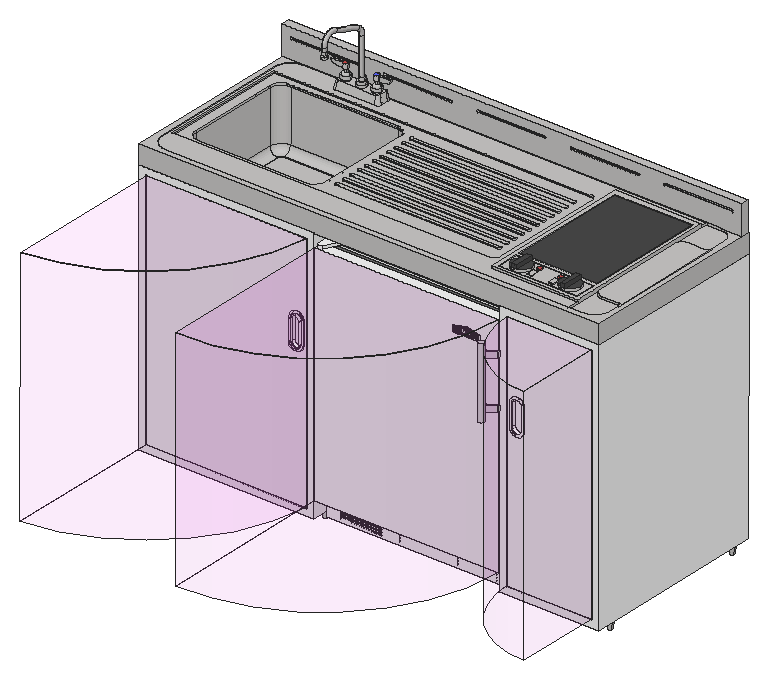
Revit family "QF_Summit_C60ELGLASS_Kitchenette", category Specialty Equipment, Revit 2020
Family settings
  Round Connector Dimension = Use Diameter
  Part Type = Normal
  Work Plane-Based = No
  Always vertical = Yes
  Cut with Voids When Loaded = No
  Shared = No
  Room Calculation Point = No
Parameters
  Weight in Pounds = 220
  Watts = Volts * FL Amps  # 2875 W
  Volts = 115 V
  URL Cutsheet = ""
  Specification by User = ""
  Specification by Manufacturer = ""
  Show LHD [instance] = yes
  Show Legs [instance] = yes
  Show Clearance [instance] = yes
  Serial Number = ""
  Seismic Rating = ""
  SMACNA No = ""
  Revision Code = ""
  Refrigerant Volume = 0.00 kip
  Refrigerant Type = "R600a"
  Phase = 1
  Number of Poles = 1
  NAFEM Spec ID Number = ""
  Model = "C60ELGLASS"
  Min Ckt Ampacity = 0 A
  Max Overcurrent Protection = 0 A
  Masterspec = ""
  Manufacturer = "Summit"
  Length = 59 1/8"
  Item Number = ""
  Installed By = ""
  Identify Quantity as Lot = yes
  Height = 40"
  HP = ""
  Furnished By = ""
  Foodservice Equipment Identifier = yes
  FL Amps = 25 A
  Electrical Remarks = ""
  Electric Connection Type = ""
  Elec Conn RI Height = 0"
  Elec Conn Connection Height = 0"
  Description = "Kichenette"
  Depth = 24"
  Default Elevation = 0"
  Cycle = 60 Hz
  Conn Plug = ""
  Conn Conduit = yes
  CSI MasterFormat = ""
  BTUH = 0.0 Btu/h
  Apparent Power = if(Phase = 3, Volts * FL Amps * 1.73, Volts * FL Amps)  # 2875 VA
Reference planes (in)
  plane 1 "BACK": y = 0
  plane 2: z = 0
  plane 3 "LEFT": x = 0
  plane 4 "RIGHT": x = 59.125
  plane 5 "FRONT": y = -24
  plane 6 "TOP": z = 40
  plane 7 "Center Y": x = 29.5625
  plane 8 "Center X": y = -12
  plane 9: z = 36.25
  plane 10: z = 33.875
  plane 11: z = 1
  plane 12: z = 20.875
  plane 13: z = 45.75
  plane 14: y = -1
  plane 15: y = -44.25
  plane 16: z = 36
  plane 17: x = 22.5
  plane 18: x = 46.375
  plane 19: z = 28
Forms (in)
  Extrusion 1, solid, material "QF_Metal_Stainless_Polished"
    sketch origin (-11.06091, -180, 36.25) x (-1, 0, 0) y (0, -1, 0)
      loop
        line (-11.06091, -180) -> (-11.06091, -156) -> (-70.18591, -156) -> (-70.18591, -180) -> (-11.06091, -180)
      loop
        line (-11.81091, -177) -> (-11.81091, -158.75)
        arc (-11.81091, -158.75) -> (-12.3967, -157.33579) -> (-13.81091, -156.75) r 2
        line (-13.81091, -156.75) -> (-67.43591, -156.75)
        arc (-67.43591, -156.75) -> (-68.85012, -157.33579) -> (-69.43591, -158.75) r 2
        line (-69.43591, -158.75) -> (-69.43591, -177)
        arc (-69.43591, -177) -> (-68.85012, -178.41421) -> (-67.43591, -179) r 2
        line (-67.43591, -179) -> (-13.81091, -179)
        arc (-13.81091, -179) -> (-12.3967, -178.41421) -> (-11.81091, -177) r 2
    from 0 to -2.375
  Extrusion 2, solid, material "QF_Metal_Stainless_Polished"
    sketch origin (-2.35752, -180, 36) x (-1, 0, 0) y (0, -1, 0)
      loop
        line (-3.56275, -176.20889) -> (-3.56275, -159.83389) -> (-44.18775, -159.83389)
        arc (-44.18775, -159.83389) -> (-44.89485, -160.12678) -> (-45.18775, -160.83389) r 1
        line (-45.18775, -160.83389) -> (-45.18775, -175.20889)
        arc (-45.18775, -175.20889) -> (-44.89485, -175.916) -> (-44.18775, -176.20889) r 1
        line (-44.18775, -176.20889) -> (-3.56275, -176.20889)
      loop
        line (-20.09109, -175.375) -> (-6.34109, -175.375)
        arc (-6.34109, -175.375) -> (-5.28043, -174.93566) -> (-4.84109, -173.875) r 1.5
        line (-4.84109, -173.875) -> (-4.84109, -162)
        arc (-4.84109, -162) -> (-5.28043, -160.93934) -> (-6.34109, -160.5) r 1.5
        line (-6.34109, -160.5) -> (-20.09109, -160.5)
        arc (-20.09109, -160.5) -> (-21.15175, -160.93934) -> (-21.59109, -162) r 1.5
        line (-21.59109, -162) -> (-21.59109, -173.875)
        arc (-21.59109, -173.875) -> (-21.15175, -174.93566) -> (-20.09109, -175.375) r 1.5
    from 0 to -0.25
  Extrusion 3, solid, material "QF_Metal_Stainless_Polished"
    sketch origin (-2.35752, -178, 36) x (-1, 0, 0) y (0, -1, 0)
      loop
        line (-44.18775, -174.20889) -> (-3.56275, -174.20889) -> (-3.56275, -157.83389) -> (-44.18775, -157.83389)
        arc (-44.18775, -157.83389) -> (-44.89485, -158.12678) -> (-45.18775, -158.83389) r 1
        line (-45.18775, -158.83389) -> (-45.18775, -173.20889)
        arc (-45.18775, -173.20889) -> (-44.89485, -173.916) -> (-44.18775, -174.20889) r 1
      loop
        line (-3.10752, -175) -> (-3.10752, -156.75)
        arc (-3.10752, -156.75) -> (-3.69331, -155.33579) -> (-5.10752, -154.75) r 2
        line (-5.10752, -154.75) -> (-58.73252, -154.75)
        arc (-58.73252, -154.75) -> (-60.14674, -155.33579) -> (-60.73252, -156.75) r 2
        line (-60.73252, -156.75) -> (-60.73252, -175)
        arc (-60.73252, -175) -> (-60.14674, -176.41421) -> (-58.73252, -177) r 2
        line (-58.73252, -177) -> (-5.10752, -177)
        arc (-5.10752, -177) -> (-3.69331, -176.41421) -> (-3.10752, -175) r 2
    from 0 to -0.25
  Extrusion 4, solid, material "QF_Metal_Stainless_Polished"
    sketch origin (0.14248, -180, 36) x (-1, 0, 0) y (0, -1, 0)
      loop
        arc (-20.27666, -174.49159) -> (-20.06215, -174.27708) -> (-20.27666, -174.06256) r 0.21452
        line (-20.27666, -174.06256) -> (-41.1341, -174.06256)
        arc (-41.1341, -174.06256) -> (-41.34861, -174.27708) -> (-41.1341, -174.49159) r 0.21452
        line (-41.1341, -174.49159) -> (-20.27666, -174.49159)
      loop
        arc (-20.27666, -173.24159) -> (-20.06215, -173.02708) -> (-20.27666, -172.81256) r 0.21452
        line (-20.27666, -172.81256) -> (-41.1341, -172.81256)
        arc (-41.1341, -172.81256) -> (-41.34861, -173.02708) -> (-41.1341, -173.24159) r 0.21452
        line (-41.1341, -173.24159) -> (-20.27666, -173.24159)
      loop
        arc (-20.27666, -172.05409) -> (-20.06215, -171.83958) -> (-20.27666, -171.62506) r 0.21452
        line (-20.27666, -171.62506) -> (-41.1341, -171.62506)
        arc (-41.1341, -171.62506) -> (-41.34861, -171.83958) -> (-41.1341, -172.05409) r 0.21452
        line (-41.1341, -172.05409) -> (-20.27666, -172.05409)
      loop
        arc (-20.27666, -170.86659) -> (-20.06215, -170.65208) -> (-20.27666, -170.43756) r 0.21452
        line (-20.27666, -170.43756) -> (-41.1341, -170.43756)
        arc (-41.1341, -170.43756) -> (-41.34861, -170.65208) -> (-41.1341, -170.86659) r 0.21452
        line (-41.1341, -170.86659) -> (-20.27666, -170.86659)
      loop
        arc (-20.27666, -169.67909) -> (-20.06215, -169.46458) -> (-20.27666, -169.25006) r 0.21452
        line (-20.27666, -169.25006) -> (-41.1341, -169.25006)
        arc (-41.1341, -169.25006) -> (-41.34861, -169.46458) -> (-41.1341, -169.67909) r 0.21452
        line (-41.1341, -169.67909) -> (-20.27666, -169.67909)
      loop
        arc (-20.27666, -168.55409) -> (-20.06215, -168.33958) -> (-20.27666, -168.12506) r 0.21452
        line (-20.27666, -168.12506) -> (-41.1341, -168.12506)
        arc (-41.1341, -168.12506) -> (-41.34861, -168.33958) -> (-41.1341, -168.55409) r 0.21452
        line (-41.1341, -168.55409) -> (-20.27666, -168.55409)
      loop
        arc (-20.27666, -167.30409) -> (-20.06215, -167.08958) -> (-20.27666, -166.87506) r 0.21452
        line (-20.27666, -166.87506) -> (-41.1341, -166.87506)
        arc (-41.1341, -166.87506) -> (-41.34861, -167.08958) -> (-41.1341, -167.30409) r 0.21452
        line (-41.1341, -167.30409) -> (-20.27666, -167.30409)
      loop
        arc (-20.27666, -166.17909) -> (-20.06215, -165.96458) -> (-20.27666, -165.75006) r 0.21452
        line (-20.27666, -165.75006) -> (-41.1341, -165.75006)
        arc (-41.1341, -165.75006) -> (-41.34861, -165.96458) -> (-41.1341, -166.17909) r 0.21452
        line (-41.1341, -166.17909) -> (-20.27666, -166.17909)
      loop
        arc (-20.27666, -164.92909) -> (-20.06215, -164.71458) -> (-20.27666, -164.50006) r 0.21452
        line (-20.27666, -164.50006) -> (-41.1341, -164.50006)
        arc (-41.1341, -164.50006) -> (-41.34861, -164.71458) -> (-41.1341, -164.92909) r 0.21452
        line (-41.1341, -164.92909) -> (-20.27666, -164.92909)
      loop
        arc (-20.27666, -163.74159) -> (-20.06215, -163.52708) -> (-20.27666, -163.31256) r 0.21452
        line (-20.27666, -163.31256) -> (-41.1341, -163.31256)
        arc (-41.1341, -163.31256) -> (-41.34861, -163.52708) -> (-41.1341, -163.74159) r 0.21452
        line (-41.1341, -163.74159) -> (-20.27666, -163.74159)
      loop
        arc (-20.27666, -162.55409) -> (-20.06215, -162.33958) -> (-20.27666, -162.12506) r 0.21452
        line (-20.27666, -162.12506) -> (-41.1341, -162.12506)
        arc (-41.1341, -162.12506) -> (-41.34861, -162.33958) -> (-41.1341, -162.55409) r 0.21452
        line (-41.1341, -162.55409) -> (-20.27666, -162.55409)
    from 0 to 0.0625
  Extrusion 5, solid, material "QF_Metal_Stainless_Polished"
    sketch origin (-11.06091, -180, 36.25) x (-1, 0, 0) y (0, -1, 0)
      loop
        line (-11.06091, -180) -> (-11.06091, -179) -> (-70.18591, -179) -> (-70.18591, -180) -> (-11.06091, -180)
    from 0 to 3.75
  Sweep 6, solid, material "QF_Metal_Stainless_Polished"
    path origin (0, 0, 0) x (1, 0, 0) y (0, 1, 0)
      loop
        arc (2.48357, -18) -> (2.92291, -19.06066) -> (3.98357, -19.5) r 1.5
        line (3.98357, -19.5) -> (17.73357, -19.5)
        arc (17.73357, -19.5) -> (18.79423, -19.06066) -> (19.23357, -18) r 1.5
        line (19.23357, -18) -> (19.23357, -6.125)
        arc (19.23357, -6.125) -> (18.79423, -5.06434) -> (17.73357, -4.625) r 1.5
        line (17.73357, -4.625) -> (3.98357, -4.625)
        arc (3.98357, -4.625) -> (2.92291, -5.06434) -> (2.48357, -6.125) r 1.5
        line (2.48357, -6.125) -> (2.48357, -18)
    profile origin (2.48357, -12.0625, 0) x (-1, 0, 0) y (0, 0, 1)
      loop
        line (0, 35.875) -> (0, 29.0625)
        arc (0, 29.0625) -> (-0.29289, 28.35539) -> (-1, 28.0625) r 1
        line (-1, 28.0625) -> (-1, 28)
        arc (-1, 28) -> (-0.2487, 28.3112) -> (0.0625, 29.0625) r 1.0625
        line (0.0625, 29.0625) -> (0.0625, 35.875) -> (0, 35.875)
  Extrusion 7, void
    sketch origin (47.25, -1, 36.25) x (-1, 0, 0) y (0, 0, -1)
      loop
        arc (21.99608, -2.70577) -> (22.16796, -2.5339) -> (21.99608, -2.36202) r 0.17188
        line (21.99608, -2.36202) -> (13.37892, -2.36202)
        arc (13.37892, -2.36202) -> (13.20704, -2.5339) -> (13.37892, -2.70577) r 0.17188
        line (13.37892, -2.70577) -> (21.99608, -2.70577)
      loop
        arc (-2.03206, -2.70577) -> (-1.86018, -2.5339) -> (-2.03206, -2.36202) r 0.17188
        line (-2.03206, -2.36202) -> (-10.64922, -2.36202)
        arc (-10.64922, -2.36202) -> (-10.8211, -2.5339) -> (-10.64922, -2.70577) r 0.17188
        line (-10.64922, -2.70577) -> (-2.03206, -2.70577)
      loop
        arc (9.98201, -2.70577) -> (10.15389, -2.5339) -> (9.98201, -2.36202) r 0.17188
        line (9.98201, -2.36202) -> (1.36485, -2.36202)
        arc (1.36485, -2.36202) -> (1.19297, -2.5339) -> (1.36485, -2.70577) r 0.17188
        line (1.36485, -2.70577) -> (9.98201, -2.70577)
      loop
        line (37.40706, -2.70577) -> (46.02422, -2.70577)
        arc (46.02422, -2.70577) -> (46.1961, -2.5339) -> (46.02422, -2.36202) r 0.17188
        line (46.02422, -2.36202) -> (37.40706, -2.36202)
        arc (37.40706, -2.36202) -> (37.23518, -2.5339) -> (37.40706, -2.70577) r 0.17188
      loop
        line (25.39299, -2.70577) -> (34.01015, -2.70577)
        arc (34.01015, -2.70577) -> (34.18203, -2.5339) -> (34.01015, -2.36202) r 0.17188
        line (34.01015, -2.36202) -> (25.39299, -2.36202)
        arc (25.39299, -2.36202) -> (25.22111, -2.5339) -> (25.39299, -2.70577) r 0.17188
    from 0.25 to -0.25
  Extrusion 8, solid, material "QF_Plastic_White_Smooth"
    sketch origin (-11.06091, -180, 1) x (-1, 0, 0) y (0, -1, 0)
      loop
        line (-11.06091, -180) -> (-11.06091, -156) -> (-11.93591, -156) -> (-11.93591, -179.125) -> (-32.68591, -179.125) -> (-32.68591, -156) -> (-33.56091, -156) -> (-33.56091, -180) -> (-11.06091, -180)
      loop
        line (-58.31091, -156) -> (-58.31091, -179.125) -> (-69.31091, -179.125) -> (-69.31091, -156) -> (-70.18591, -156) -> (-70.18591, -180) -> (-57.43591, -180) -> (-57.43591, -156) -> (-58.31091, -156)
    from 0 to 32.875
  Extrusion 9, solid, material "QF_Plastic_White_Smooth"
    sketch origin (0.875, -24, 1) x (-1, 0, 0) y (0, 0, -1)
      loop
        line (0, -32.875) -> (0, -32) -> (-20.75, -32) -> (-20.75, 0) -> (-21.625, 0) -> (-21.625, -32.875) -> (0, -32.875)
    from 0 to -1
  Extrusion 10, solid, material "QF_Plastic_White_Smooth"
    sketch origin (0.875, -0.875, 1) x (1, 0, 0) y (0, 0, 1)
      loop
        line (0, 0) -> (20.75, 0) -> (20.75, 0.875) -> (0, 0.875) -> (0, 0)
    from 0 to 23.125
  Extrusion 11, solid, material "QF_Plastic_White_Smooth"
    sketch origin (0.875, -24, 1) x (-1, 0, 0) y (0, 0, -1)
      loop
        line (-0.0625, -0.9375) -> (-20.6875, -0.9375) -> (-20.6875, -31.9375) -> (-0.0625, -31.9375) -> (-0.0625, -0.9375)
    from 0 to -1
  Extrusion 12, void
    sketch origin (13.75, -24, 1) x (-1, 0, 0) y (0, 0, -1)
      loop
        arc (-5.85467, -19.50639) -> (-6.51553, -18.84553) -> (-7.17639, -19.50639) r 0.66086
        line (-7.17639, -19.50639) -> (-7.17639, -22.2536)
        arc (-7.17639, -22.2536) -> (-6.51553, -22.91446) -> (-5.85467, -22.2536) r 0.66086
        line (-5.85467, -22.2536) -> (-5.85467, -19.50639)
    from 0.5 to -0.5009
  Extrusion 13, solid, material "QF_Plastic_White_Smooth"
    sketch origin (13.75, -24, 1) x (-1, 0, 0) y (0, 0, -1)
      loop
        arc (-7.17639, -22.2536) -> (-6.51553, -22.91446) -> (-5.85467, -22.2536) r 0.66086
        line (-5.85467, -22.2536) -> (-5.85467, -19.50639)
        arc (-5.85467, -19.50639) -> (-6.51553, -18.84553) -> (-7.17639, -19.50639) r 0.66086
        line (-7.17639, -19.50639) -> (-7.17639, -22.2536)
      loop
        arc (-7.42639, -22.2536) -> (-6.51553, -23.16446) -> (-5.60467, -22.2536) r 0.91086
        line (-5.60467, -22.2536) -> (-5.60467, -19.50639)
        arc (-5.60467, -19.50639) -> (-6.51553, -18.59553) -> (-7.42639, -19.50639) r 0.91086
        line (-7.42639, -19.50639) -> (-7.42639, -22.2536)
    from 0 to 0.0625
  Extrusion 14, solid, material "QF_Metal_Stainless_Polished"
    sketch origin (4.52411, 0, 36.25) x (1, 0, 0) y (0, 0, -1)
      loop
        circle (52.60573, 33.21044) r 0.125
    from 0 to 0.25
  Revolve 15, solid, material "QF_Metal_Stainless_Polished", visible <- "Show Legs"
    sketch origin (0, -2, 0) x (1, 0, 0) y (0, 0, 1)
      loop
        line (46.8125, 1) -> (46.8125, 0) -> (47.03274, 0) -> (47.19216, 1) -> (46.8125, 1)
      axis (46.8125, 1) -> (46.8125, 0)
    angle from 0 to 360
  Revolve 16, solid, material "QF_Metal_Stainless_Polished", visible <- "Show Legs"
    sketch origin (0, -21.625, 0) x (1, 0, 0) y (0, 0, 1)
      loop
        line (46.8125, 1) -> (46.8125, 0) -> (47.03274, 0) -> (47.19216, 1) -> (46.8125, 1)
      axis (46.8125, 1) -> (46.8125, 0)
    angle from 0 to 360
  Revolve 17, solid, material "QF_Metal_Stainless_Polished", visible <- "Show Legs"
    sketch origin (-29.125, -2, 0) x (1, 0, 0) y (0, 0, 1)
      loop
        line (29.5625, 1) -> (29.5625, 0) -> (29.78274, 0) -> (29.94216, 1) -> (29.5625, 1)
      axis (29.5625, 1) -> (29.5625, 0)
    angle from 0 to 360
  Revolve 18, solid, material "QF_Metal_Stainless_Polished", visible <- "Show Legs"
    sketch origin (-29.125, -21.625, 0) x (1, 0, 0) y (0, 0, 1)
      loop
        line (29.5625, 1) -> (29.5625, 0) -> (29.78274, 0) -> (29.94216, 1) -> (29.5625, 1)
      axis (29.5625, 1) -> (29.5625, 0)
    angle from 0 to 360
  Extrusion 19, solid, material "QF_Metal_Stainless_Polished"
    sketch origin (-2.35752, -178, 36) x (-1, 0, 0) y (0, -1, 0)
      loop
        arc (-5.10752, -177) -> (-3.69331, -176.41421) -> (-3.10752, -175) r 2
        line (-3.10752, -175) -> (-3.10752, -156.75)
        arc (-3.10752, -156.75) -> (-3.69331, -155.33579) -> (-5.10752, -154.75) r 2
        line (-5.10752, -154.75) -> (-56.89422, -154.75) -> (-56.89422, -156.27212) -> (-45.89422, -156.27212) -> (-45.89422, -176.13842) -> (-56.89422, -176.13842) -> (-56.89422, -177) -> (-5.10752, -177)
      loop
        line (-3.56275, -174.20889) -> (-3.56275, -157.83389) -> (-44.18775, -157.83389)
        arc (-44.18775, -157.83389) -> (-44.89485, -158.12678) -> (-45.18775, -158.83389) r 1
        line (-45.18775, -158.83389) -> (-45.18775, -173.20889)
        arc (-45.18775, -173.20889) -> (-44.89485, -173.916) -> (-44.18775, -174.20889) r 1
        line (-44.18775, -174.20889) -> (-3.56275, -174.20889)
    from 0 to 0.25
  Extrusion 20, solid, material "QF_Metal_Stainless_Polished"
    sketch origin (-10.31091, -180, 28.8125) x (0, -1, 0) y (-1, 0, 0)
      loop
        arc (-174.375, -28.04448) -> (-174.22855, -28.39804) -> (-173.875, -28.54448) r 0.5
        line (-173.875, -28.54448) -> (-162, -28.54448)
        arc (-162, -28.54448) -> (-161.64645, -28.39804) -> (-161.5, -28.04448) r 0.5
        line (-161.5, -28.04448) -> (-161.5, -14.29448)
        arc (-161.5, -14.29448) -> (-161.64645, -13.94093) -> (-162, -13.79448) r 0.5
        line (-162, -13.79448) -> (-173.875, -13.79448)
        arc (-173.875, -13.79448) -> (-174.22855, -13.94093) -> (-174.375, -14.29448) r 0.5
        line (-174.375, -14.29448) -> (-174.375, -28.04448)
      loop
        circle (-167.9375, -21.16948) r 1
    from 0.8125 to 0.75
  Extrusion 21, solid, material "QF_Metal_Stainless_Polished"
    sketch origin (0.64248, -178, 36) x (-1, 0, 0) y (0, -1, 0)
      loop
        arc (-54.14422, -159.59658) -> (-54.43711, -158.88947) -> (-55.14422, -158.59658) r 1
        line (-55.14422, -158.59658) -> (-57.23252, -158.59658)
        arc (-57.23252, -158.59658) -> (-57.58608, -158.45013) -> (-57.73252, -158.09658) r 0.5
        line (-57.73252, -158.09658) -> (-57.73252, -173.09653)
        arc (-57.73252, -173.09653) -> (-57.58608, -172.74298) -> (-57.23252, -172.59653) r 0.5
        line (-57.23252, -172.59653) -> (-55.14422, -172.59653)
        arc (-55.14422, -172.59653) -> (-54.43711, -172.30364) -> (-54.14422, -171.59653) r 1
        line (-54.14422, -171.59653) -> (-54.14422, -159.59658)
    from 0 to 0.25
  Extrusion 22, solid, material "QF_Metal_Stainless_Polished"
    sketch origin (19.51748, -180, 36) x (-1, 0, 0) y (0, -1, 0)
      loop
        line (-35.01922, -156.75) -> (-36.85752, -156.75)
        arc (-36.85752, -156.75) -> (-38.27174, -157.33579) -> (-38.85752, -158.75) r 2
        line (-38.85752, -158.75) -> (-38.85752, -160.09658)
        arc (-38.85752, -160.09658) -> (-38.71108, -160.45013) -> (-38.35752, -160.59658) r 0.5
        line (-38.35752, -160.59658) -> (-36.26922, -160.59658)
        arc (-36.26922, -160.59658) -> (-35.56211, -160.88947) -> (-35.26922, -161.59658) r 1
        line (-35.26922, -161.59658) -> (-35.26922, -173.59653)
        arc (-35.26922, -173.59653) -> (-35.56211, -174.30364) -> (-36.26922, -174.59653) r 1
        line (-36.26922, -174.59653) -> (-38.35752, -174.59653)
        arc (-38.35752, -174.59653) -> (-38.71108, -174.74298) -> (-38.85752, -175.09653) r 0.5
        line (-38.85752, -175.09653) -> (-38.85752, -177)
        arc (-38.85752, -177) -> (-38.27174, -178.41421) -> (-36.85752, -179) r 2
        line (-36.85752, -179) -> (-35.01922, -179) -> (-35.01922, -156.75)
    from 0 to -0.25
  Revolve 23, solid, material "QF_Metal_Stainless_Polished", visible <- "Show Legs"
    sketch origin (-16.5, -2, 0) x (1, 0, 0) y (0, 0, 1)
      loop
        line (38.5625, 1) -> (38.5625, 0) -> (38.78274, 0) -> (38.94216, 1) -> (38.5625, 1)
      axis (38.5625, 1) -> (38.5625, 0)
    angle from 0 to 360
  Revolve 24, solid, material "QF_Metal_Stainless_Polished", visible <- "Show Legs"
    sketch origin (-16.5, -21.625, 0) x (1, 0, 0) y (0, 0, 1)
      loop
        line (38.5625, 1) -> (38.5625, 0) -> (38.78274, 0) -> (38.94216, 1) -> (38.5625, 1)
      axis (38.5625, 1) -> (38.5625, 0)
    angle from 0 to 360
  Extrusion 25, solid, material "QF_Clearances_Door_Drawer", visible <- "Show Clearance"
    sketch origin (17.8125, -24, 1.9375) x (0, 1, 0) y (1, 0, 0)
      loop
        line (0, -16.875) -> (0, 3.75)
        arc (0, 3.75) -> (-13.90828, -2.84801) -> (-20.25, -16.875) r 22.34781
        line (-20.25, -16.875) -> (0, -16.875)
    from 0 to -31
  Extrusion 26, solid, material "QF_Plastic_White_Smooth"
    sketch origin (58.25, -0.875, 1) x (-1, 0, 0) y (0, 0, -1)
      loop
        line (0, 0) -> (0, -0.875) -> (11, -0.875) -> (11, 0) -> (0, 0)
    from 0 to 23.125
  Extrusion 27, solid, material "QF_Plastic_White_Smooth"
    sketch origin (58.25, -24, 1) x (1, 0, 0) y (0, 0, 1)
      loop
        line (0, 32.875) -> (-11, 32.875) -> (-11, 32) -> (0, 32) -> (0, 32.875)
    from 0 to -1
  Extrusion 28, solid, material "QF_Plastic_White_Smooth"
    sketch origin (68, -24, 1) x (1, 0, 0) y (0, 0, 1)
      loop
        line (-9.8125, 0.9375) -> (-9.8125, 31.9375) -> (-20.6875, 31.9375) -> (-20.6875, 0.9375) -> (-9.8125, 0.9375)
    from 0 to -1
  Extrusion 29, void
    sketch origin (55.125, -24, 1) x (1, 0, 0) y (0, 0, 1)
      loop
        line (-5.85467, 19.50639) -> (-5.85467, 22.2536)
        arc (-5.85467, 22.2536) -> (-6.51553, 22.91446) -> (-7.17639, 22.2536) r 0.66086
        line (-7.17639, 22.2536) -> (-7.17639, 19.50639)
        arc (-7.17639, 19.50639) -> (-6.51553, 18.84553) -> (-5.85467, 19.50639) r 0.66086
    from 0.5 to -0.5009
  Extrusion 30, solid, material "QF_Plastic_White_Smooth"
    sketch origin (55.125, -24, 1) x (1, 0, 0) y (0, 0, 1)
      loop
        line (-7.17639, 22.2536) -> (-7.17639, 19.50639)
        arc (-7.17639, 19.50639) -> (-6.51553, 18.84553) -> (-5.85467, 19.50639) r 0.66086
        line (-5.85467, 19.50639) -> (-5.85467, 22.2536)
        arc (-5.85467, 22.2536) -> (-6.51553, 22.91446) -> (-7.17639, 22.2536) r 0.66086
      loop
        line (-7.42639, 22.2536) -> (-7.42639, 19.50639)
        arc (-7.42639, 19.50639) -> (-6.51553, 18.59553) -> (-5.60467, 19.50639) r 0.91086
        line (-5.60467, 19.50639) -> (-5.60467, 22.2536)
        arc (-5.60467, 22.2536) -> (-6.51553, 23.16446) -> (-7.42639, 22.2536) r 0.91086
    from 0 to 0.0625
  Revolve 31, solid, material "QF_Metal_Stainless_Polished", visible <- "Show Legs"
    sketch origin (11.875, -2, 0) x (1, 0, 0) y (0, 0, 1)
      loop
        line (46.8125, 1) -> (46.8125, 0) -> (47.03274, 0) -> (47.19216, 1) -> (46.8125, 1)
      axis (46.8125, 1) -> (46.8125, 0)
    angle from 0 to 360
  Revolve 32, solid, material "QF_Metal_Stainless_Polished", visible <- "Show Legs"
    sketch origin (11.875, -21.625, 0) x (1, 0, 0) y (0, 0, 1)
      loop
        line (46.8125, 1) -> (46.8125, 0) -> (47.03274, 0) -> (47.19216, 1) -> (46.8125, 1)
      axis (46.8125, 1) -> (46.8125, 0)
    angle from 0 to 360
  Extrusion 33, solid, material "QF_Clearances_Door_Drawer", visible <- "Show Clearance"
    sketch origin (51.0625, -24, 1.9375) x (0, -1, 0) y (-1, 0, 0)
      loop
        line (0, -7.125) -> (10.875, -7.125)
        arc (10.875, -7.125) -> (7.68979, 0.56479) -> (0, 3.75) r 10.875
        line (0, 3.75) -> (0, -7.125)
    from 0 to -31
  Extrusion 34, solid, material "QF_Metal_Stainless_Polished", not visible
    sketch origin (-2.35752, -180, 36.125) x (-1, 0, 0) y (0, -1, 0)
      loop
        line (-19.76922, -178.13842) -> (-19.76922, -158.27212) -> (-30.76922, -158.27212) -> (-30.76922, -178.13842) -> (-19.76922, -178.13842)
      loop
        line (-20.26922, -177.38842) -> (-20.26922, -162.02212) -> (-30.26922, -162.02212) -> (-30.26922, -177.38842) -> (-20.26922, -177.38842)
      loop
        line (-20.26922, -158.77212) -> (-30.26922, -158.77212) -> (-30.26922, -161.52212) -> (-20.26922, -161.52212) -> (-20.26922, -158.77212)
    from 0 to 0.5
  Extrusion 35, solid, material "QF_Metal_Stainless_Polished", not visible
    sketch origin (-2.35752, -180, 36.625) x (-1, 0, 0) y (0, -1, 0)
      loop
        line (-20.26922, -158.77212) -> (-30.26922, -158.77212) -> (-30.26922, -161.52212) -> (-20.26922, -161.52212) -> (-20.26922, -158.77212)
    from -0.25 to 0
  Extrusion 36, solid, material "QF_Metal_Stainless_Polished", not visible
    sketch origin (-2.35752, -180, 36.625) x (-1, 0, 0) y (0, -1, 0)
      loop
        circle (-22.13141, -160.14712) r 1.25
      loop
        circle (-28.40702, -160.14712) r 1.25
    from 0 to 0.25
  Extrusion 37, solid, material "QF_Plastic_Black_Smooth", not visible
    sketch origin (-2.35752, -180, 36.875) x (-1, 0, 0) y (0, -1, 0)
      loop
        line (-21.85016, -161.36507) -> (-21.85016, -158.92917)
        arc (-21.85016, -158.92917) -> (-22.13141, -158.89712) -> (-22.41266, -158.92917) r 1.25
        line (-22.41266, -158.92917) -> (-22.41266, -161.36507)
        arc (-22.41266, -161.36507) -> (-22.13141, -161.39712) -> (-21.85016, -161.36507) r 1.25
      loop
        line (-28.12577, -161.36507) -> (-28.12577, -158.92917)
        arc (-28.12577, -158.92917) -> (-28.40702, -158.89712) -> (-28.68827, -158.92917) r 1.25
        line (-28.68827, -158.92917) -> (-28.68827, -161.36507)
        arc (-28.68827, -161.36507) -> (-28.40702, -161.39712) -> (-28.12577, -161.36507) r 1.25
    from 0 to 0.5
  Extrusion 38, solid, material "QF_Metal_Stainless_Polished", not visible
    sketch origin (-1.60752, -180, 36.625) x (-1, 0, 0) y (0, -1, 0)
      loop
        line (-22.85535, -160.19685) -> (-22.85535, -159.12569) -> (-23.41848, -159.12569) -> (-23.41848, -160.19685) -> (-22.85535, -160.19685)
      loop
        line (-26.18308, -160.19685) -> (-25.61996, -160.19685) -> (-25.61996, -159.12569) -> (-26.18308, -159.12569) -> (-26.18308, -160.19685)
    from 0 to 0.0625
  Extrusion 39, solid, material "QF_Plastic_Black_Smooth", not visible
    sketch origin (-2.35752, -178, 36.125) x (-1, 0, 0) y (0, -1, 0)
      loop
        line (-20.26922, -175.38842) -> (-20.26922, -160.02212) -> (-30.26922, -160.02212) -> (-30.26922, -175.38842) -> (-20.26922, -175.38842)
    from 0 to 0.5
  Extrusion 40, solid, material "QF_Metal_Stainless_Polished"
    sketch origin (23.76748, -180, 36) x (-1, 0, 0) y (0, -1, 0)
      loop
        line (-19.76922, -178.13842) -> (-19.76922, -158.27212) -> (-30.76922, -158.27212) -> (-30.76922, -178.13842) -> (-19.76922, -178.13842)
      loop
        line (-20.26922, -177.38842) -> (-20.26922, -162.02212) -> (-30.26922, -162.02212) -> (-30.26922, -177.38842) -> (-20.26922, -177.38842)
      loop
        line (-20.26922, -158.77212) -> (-30.26922, -158.77212) -> (-30.26922, -161.52212) -> (-20.26922, -161.52212) -> (-20.26922, -158.77212)
    from 0 to 0.5
  Extrusion 41, solid, material "QF_Metal_Stainless_Polished"
    sketch origin (23.76748, -180, 36.5) x (-1, 0, 0) y (0, -1, 0)
      loop
        line (-20.26922, -158.77212) -> (-30.26922, -158.77212) -> (-30.26922, -161.52212) -> (-20.26922, -161.52212) -> (-20.26922, -158.77212)
    from -0.25 to 0
  Extrusion 42, solid, material "QF_Metal_Stainless_Polished"
    sketch origin (23.76748, -180, 36.5) x (-1, 0, 0) y (0, -1, 0)
      loop
        circle (-22.13141, -160.14712) r 1.25
      loop
        circle (-28.40702, -160.14712) r 1.25
    from 0 to 0.25
  Extrusion 43, solid, material "QF_Plastic_Black_Smooth"
    sketch origin (23.76748, -180, 36.75) x (-1, 0, 0) y (0, -1, 0)
      loop
        line (-21.85016, -161.36507) -> (-21.85016, -158.92917)
        arc (-21.85016, -158.92917) -> (-22.13141, -158.89712) -> (-22.41266, -158.92917) r 1.25
        line (-22.41266, -158.92917) -> (-22.41266, -161.36507)
        arc (-22.41266, -161.36507) -> (-22.13141, -161.39712) -> (-21.85016, -161.36507) r 1.25
      loop
        line (-28.12577, -161.36507) -> (-28.12577, -158.92917)
        arc (-28.12577, -158.92917) -> (-28.40702, -158.89712) -> (-28.68827, -158.92917) r 1.25
        line (-28.68827, -158.92917) -> (-28.68827, -161.36507)
        arc (-28.68827, -161.36507) -> (-28.40702, -161.39712) -> (-28.12577, -161.36507) r 1.25
    from 0 to 0.5
  Extrusion 44, solid, material "QF_Metal_Stainless_Polished"
    sketch origin (24.51748, -180, 36.5) x (-1, 0, 0) y (0, -1, 0)
      loop
        line (-22.85535, -160.19685) -> (-22.85535, -159.12569) -> (-23.41848, -159.12569) -> (-23.41848, -160.19685) -> (-22.85535, -160.19685)
      loop
        line (-26.18308, -160.19685) -> (-25.61996, -160.19685) -> (-25.61996, -159.12569) -> (-26.18308, -159.12569) -> (-26.18308, -160.19685)
    from 0 to 0.0625
  Extrusion 45, solid, material "QF_Plastic_Black_Smooth"
    sketch origin (23.76748, -178, 36) x (-1, 0, 0) y (0, -1, 0)
      loop
        line (-20.26922, -175.38842) -> (-20.26922, -160.02212) -> (-30.26922, -160.02212) -> (-30.26922, -175.38842) -> (-20.26922, -175.38842)
    from 0 to 0.5
  Extrusion 46, solid, material "QF_Finishes_Red"
    sketch origin (23.76748, -180, 36.5) x (-1, 0, 0) y (0, -1, 0)
      loop
        circle (-23.88691, -160.79606) r 0.28156
      loop
        circle (-26.65152, -160.79606) r 0.28156
    from 0 to 0.0625
  Extrusion 47, solid, material "QF_Finishes_Red", not visible
    sketch origin (-2.35752, -180, 36.625) x (-1, 0, 0) y (0, -1, 0)
      loop
        circle (-23.88691, -160.79606) r 0.28156
      loop
        circle (-26.65152, -160.79606) r 0.28156
    from 0 to 0.0625
  Extrusion 48, solid, material "QF_Plastic_White_Smooth"
    sketch origin (0, 0, 1) x (1, 0, 0) y (0, 0, -1)
      loop
        line (22.5, -32.875) -> (46.375, -32.875) -> (46.375, -28.125) -> (22.5, -28.125) -> (22.5, -32.875)
      loop
        line (22.5, 0) -> (22.5, -4.75) -> (46.375, -4.75) -> (46.375, 0) -> (22.5, 0)
    from 0 to -0.875
Cuts and joins
  Extrusion 7 cuts Extrusion 5
  Extrusion 12, Extrusion 29 cuts Extrusion 11
  Extrusion 12, Extrusion 29 cuts Extrusion 13
  Extrusion 12, Extrusion 29 cuts Extrusion 25
  joined: Extrusion 8, Extrusion 9, Extrusion 10, Extrusion 26, Extrusion 27
  Extrusion 29 cuts Extrusion 28
  Extrusion 29 cuts Extrusion 30
Lines and regions (in)
  symbolic lines
    curve 1: line (0, 0, 0) -> (0, -24, 0)
    curve 2: line (59.125, 0, 0) -> (0, 0, 0)
    curve 3: line (0, -1, 0) -> (59.125, -1, 0)
    curve 4: line (0, -24, 0) -> (59.125, -24, 0)
    curve 5: arc (0.75, -21.25, 0) -> (1.33579, -22.66421, 0) -> (2.75, -23.25, 0) r 2
    curve 6: line (2.75, -23.25, 0) -> (56.375, -23.25, 0)
    curve 7: arc (2.75, -1, 0) -> (1.33579, -1.58579, 0) -> (0.75, -3, 0) r 2
    curve 8: line (0.75, -3, 0) -> (0.75, -21.25, 0)
    curve 9: line (1.20523, -20.16611, 0) -> (1.20523, -3.79111, 0)
    curve 10: line (1.20523, -3.79111, 0) -> (10.67337, -3.79111, 0)
    curve 11: line (41.83023, -20.16611, 0) -> (1.20523, -20.16611, 0)
    curve 12: arc (3.98357, -19.5, 0) -> (2.92291, -19.06066, 0) -> (2.48357, -18, 0) r 1.5
    curve 13: line (2.48357, -18, 0) -> (2.48357, -6.125, 0)
    curve 14: arc (2.48357, -6.125, 0) -> (2.92291, -5.06434, 0) -> (3.98357, -4.625, 0) r 1.5
    curve 15: line (3.98357, -4.625, 0) -> (10.67337, -4.625, 0)
    curve 16: arc (17.73357, -4.625, 0) -> (18.79423, -5.06434, 0) -> (19.23357, -6.125, 0) r 1.5
    curve 17: line (19.23357, -6.125, 0) -> (19.23357, -18, 0)
    curve 18: arc (19.23357, -18, 0) -> (18.79423, -19.06066, 0) -> (17.73357, -19.5, 0) r 1.5
    curve 19: line (17.73357, -19.5, 0) -> (3.98357, -19.5, 0)
    curve 20: arc (3.48357, -18, 0) -> (3.63002, -18.35355, 0) -> (3.98357, -18.5, 0) r 0.5
    curve 21: line (3.98357, -18.5, 0) -> (17.73357, -18.5, 0)
    curve 22: arc (17.73357, -18.5, 0) -> (18.08713, -18.35355, 0) -> (18.23357, -18, 0) r 0.5
    curve 23: line (18.23357, -18, 0) -> (18.23357, -6.125, 0)
    curve 24: arc (18.23357, -6.125, 0) -> (18.08713, -5.77145, 0) -> (17.73357, -5.625, 0) r 0.5
    curve 25: line (17.73357, -5.625, 0) -> (11.29837, -5.625, 0)
    curve 26: arc (3.98357, -5.625, 0) -> (3.63002, -5.77145, 0) -> (3.48357, -6.125, 0) r 0.5
    curve 27: line (3.48357, -6.125, 0) -> (3.48357, -18, 0)
    curve 28: arc (10.85857, -13.0625, 0) -> (9.85857, -12.0625, 0) -> (10.85857, -11.0625, 0) r 1
    curve 29: arc (10.85857, -13.0625, 0) -> (11.85857, -12.0625, 0) -> (10.85857, -11.0625, 0) r 1
    curve 30: line (20.41914, -5.93744, 0) -> (41.27658, -5.93744, 0)
    curve 31: line (41.27658, -5.50841, 0) -> (20.41914, -5.50841, 0)
    curve 32: arc (20.41914, -5.50841, 0) -> (20.20463, -5.72292, 0) -> (20.41914, -5.93744, 0) r 0.21452
    curve 33: line (41.27658, -6.75841, 0) -> (20.41914, -6.75841, 0)
    curve 34: arc (20.41914, -6.75841, 0) -> (20.20463, -6.97292, 0) -> (20.41914, -7.18744, 0) r 0.21452
    curve 35: line (20.41914, -7.18744, 0) -> (41.27658, -7.18744, 0)
    curve 36: line (41.27658, -7.94591, 0) -> (20.41914, -7.94591, 0)
    curve 37: arc (20.41914, -7.94591, 0) -> (20.20463, -8.16042, 0) -> (20.41914, -8.37494, 0) r 0.21452
    curve 38: line (20.41914, -8.37494, 0) -> (41.27658, -8.37494, 0)
    curve 39: line (41.27658, -9.13341, 0) -> (20.41914, -9.13341, 0)
    curve 40: arc (20.41914, -9.13341, 0) -> (20.20463, -9.34792, 0) -> (20.41914, -9.56244, 0) r 0.21452
    curve 41: line (20.41914, -9.56244, 0) -> (41.27658, -9.56244, 0)
    curve 42: line (41.27658, -10.32091, 0) -> (20.41914, -10.32091, 0)
    curve 43: arc (20.41914, -10.32091, 0) -> (20.20463, -10.53542, 0) -> (20.41914, -10.74994, 0) r 0.21452
    curve 44: line (20.41914, -10.74994, 0) -> (41.27658, -10.74994, 0)
    curve 45: line (41.27658, -11.44591, 0) -> (20.41914, -11.44591, 0)
    curve 46: arc (20.41914, -11.44591, 0) -> (20.20463, -11.66042, 0) -> (20.41914, -11.87494, 0) r 0.21452
    curve 47: line (20.41914, -11.87494, 0) -> (41.27658, -11.87494, 0)
    curve 48: line (41.27658, -12.69591, 0) -> (20.41914, -12.69591, 0)
    curve 49: arc (20.41914, -12.69591, 0) -> (20.20463, -12.91042, 0) -> (20.41914, -13.12494, 0) r 0.21452
    curve 50: line (20.41914, -13.12494, 0) -> (41.27658, -13.12494, 0)
    curve 51: line (41.27658, -13.82091, 0) -> (20.41914, -13.82091, 0)
    curve 52: arc (20.41914, -13.82091, 0) -> (20.20463, -14.03542, 0) -> (20.41914, -14.24994, 0) r 0.21452
    curve 53: line (20.41914, -14.24994, 0) -> (41.27658, -14.24994, 0)
    curve 54: line (41.27658, -15.07091, 0) -> (20.41914, -15.07091, 0)
    curve 55: arc (20.41914, -15.07091, 0) -> (20.20463, -15.28542, 0) -> (20.41914, -15.49994, 0) r 0.21452
    curve 56: line (20.41914, -15.49994, 0) -> (41.27658, -15.49994, 0)
    curve 57: line (41.27658, -16.25841, 0) -> (20.41914, -16.25841, 0)
    curve 58: arc (20.41914, -16.25841, 0) -> (20.20463, -16.47292, 0) -> (20.41914, -16.68744, 0) r 0.21452
    curve 59: line (20.41914, -16.68744, 0) -> (41.27658, -16.68744, 0)
    curve 60: line (41.27658, -17.44591, 0) -> (20.41914, -17.44591, 0)
    curve 61: arc (20.41914, -17.44591, 0) -> (20.20463, -17.66042, 0) -> (20.41914, -17.87494, 0) r 0.21452
    curve 62: line (20.41914, -17.87494, 0) -> (41.27658, -17.87494, 0)
    curve 63: line (11.29837, -4.625, 0) -> (17.73357, -4.625, 0)
    curve 64: line (10.67337, -5.625, 0) -> (3.98357, -5.625, 0)
    curve 67: arc (41.27658, -5.93744, 0) -> (41.49109, -5.72292, 0) -> (41.27658, -5.50841, 0) r 0.21452
    curve 68: arc (41.27658, -7.18744, 0) -> (41.49109, -6.97292, 0) -> (41.27658, -6.75841, 0) r 0.21452
    curve 69: arc (41.27658, -8.37494, 0) -> (41.49109, -8.16042, 0) -> (41.27658, -7.94591, 0) r 0.21452
    curve 70: arc (41.27658, -9.56244, 0) -> (41.49109, -9.34792, 0) -> (41.27658, -9.13341, 0) r 0.21452
    curve 71: arc (41.27658, -10.74994, 0) -> (41.49109, -10.53542, 0) -> (41.27658, -10.32091, 0) r 0.21452
    curve 72: arc (41.27658, -11.87494, 0) -> (41.49109, -11.66042, 0) -> (41.27658, -11.44591, 0) r 0.21452
    curve 73: arc (41.27658, -13.12494, 0) -> (41.49109, -12.91042, 0) -> (41.27658, -12.69591, 0) r 0.21452
    curve 74: arc (41.27658, -14.24994, 0) -> (41.49109, -14.03542, 0) -> (41.27658, -13.82091, 0) r 0.21452
    curve 75: arc (41.27658, -15.49994, 0) -> (41.49109, -15.28542, 0) -> (41.27658, -15.07091, 0) r 0.21452
    curve 76: arc (41.27658, -16.68744, 0) -> (41.49109, -16.47292, 0) -> (41.27658, -16.25841, 0) r 0.21452
    curve 77: arc (41.27658, -17.87494, 0) -> (41.49109, -17.66042, 0) -> (41.27658, -17.44591, 0) r 0.21452
    curve 78: arc (41.83023, -3.79111, 0) -> (42.53733, -4.084, 0) -> (42.83023, -4.79111, 0) r 1
    curve 79: line (42.83023, -4.79111, 0) -> (42.83023, -19.16611, 0)
    curve 80: arc (42.83023, -19.16611, 0) -> (42.53733, -19.87322, 0) -> (41.83023, -20.16611, 0) r 1
    curve 81: line (59.125, -24, 0) -> (59.125, 0, 0)
    curve 82: arc (56.375, -23.25, 0) -> (57.78921, -22.66421, 0) -> (58.375, -21.25, 0) r 2
    curve 83: line (58.375, -21.25, 0) -> (58.375, -19.90342, 0)
    curve 84: line (58.375, -19.90342, 0) -> (58.375, -4.90347, 0)
    curve 85: arc (57.875, -19.40342, 0) -> (58.22855, -19.54987, 0) -> (58.375, -19.90342, 0) r 0.5
    curve 86: line (55.78669, -19.40342, 0) -> (57.875, -19.40342, 0)
    curve 87: arc (54.78669, -18.40342, 0) -> (55.07959, -19.11053, 0) -> (55.78669, -19.40342, 0) r 1
    curve 88: line (54.78669, -6.40347, 0) -> (54.78669, -18.40342, 0)
    curve 89: arc (55.78669, -5.40347, 0) -> (55.07959, -5.69636, 0) -> (54.78669, -6.40347, 0) r 1
    curve 90: line (57.875, -5.40347, 0) -> (55.78669, -5.40347, 0)
    curve 91: line (58.375, -4.90347, 0) -> (58.375, -3, 0)
    curve 92: arc (58.375, -4.90347, 0) -> (58.22855, -5.25702, 0) -> (57.875, -5.40347, 0) r 0.5
    curve 93: arc (58.375, -3, 0) -> (57.78921, -1.58579, 0) -> (56.375, -1, 0) r 2
    curve 94: line (11.29837, -3.79111, 0) -> (41.83023, -3.79111, 0)
    curve 97: line (54.53669, -1, 0) -> (54.53669, -23.25, 0)
    curve 98: line (54.53669, -1.86158, 0) -> (43.53669, -1.86158, 0)
    curve 99: line (43.53669, -1.86158, 0) -> (43.53669, -21.72788, 0)
    curve 100: line (43.53669, -21.72788, 0) -> (54.53669, -21.72788, 0)
    curve 101: line (44.03669, -18.47788, 0) -> (44.03669, -21.22788, 0)
    curve 102: line (44.03669, -21.22788, 0) -> (54.03669, -21.22788, 0)
    curve 103: line (54.03669, -21.22788, 0) -> (54.03669, -18.47788, 0)
    curve 104: line (54.03669, -18.47788, 0) -> (44.03669, -18.47788, 0)
    curve 105: line (44.03669, -2.61158, 0) -> (44.03669, -17.97788, 0)
    curve 106: line (54.03669, -2.61158, 0) -> (44.03669, -2.61158, 0)
    curve 107: line (44.03669, -17.97788, 0) -> (54.03669, -17.97788, 0)
    curve 108: line (54.03669, -17.97788, 0) -> (54.03669, -2.61158, 0)
    curve 109: arc (47.14889, -19.85288, 0) -> (45.89889, -18.60288, 0) -> (44.64889, -19.85288, 0) r 1.25
    curve 110: arc (44.64889, -19.85288, 0) -> (45.89889, -21.10288, 0) -> (47.14889, -19.85288, 0) r 1.25
    curve 111: line (45.61764, -18.63493, 0) -> (45.61764, -21.07083, 0)
    curve 112: line (46.18014, -21.07083, 0) -> (46.18014, -18.63493, 0)
    curve 113: line (47.93596, -20.87431, 0) -> (47.93596, -19.80315, 0)
    curve 114: line (47.93596, -19.80315, 0) -> (47.37283, -19.80315, 0)
    curve 115: line (47.37283, -19.80315, 0) -> (47.37283, -20.87431, 0)
    curve 116: line (47.37283, -20.87431, 0) -> (47.93596, -20.87431, 0)
    curve 117: line (50.13743, -19.80315, 0) -> (50.13743, -20.87431, 0)
    curve 118: line (50.13743, -20.87431, 0) -> (50.70056, -20.87431, 0)
    curve 119: line (50.70056, -20.87431, 0) -> (50.70056, -19.80315, 0)
    curve 120: line (50.70056, -19.80315, 0) -> (50.13743, -19.80315, 0)
    curve 121: arc (50.13743, -19.20394, 0) -> (50.419, -19.4855, 0) -> (50.70056, -19.20394, 0) r 0.28156
    curve 122: arc (50.70056, -19.20394, 0) -> (50.419, -18.92238, 0) -> (50.13743, -19.20394, 0) r 0.28156
    curve 123: arc (47.37283, -19.20394, 0) -> (47.65439, -19.4855, 0) -> (47.93596, -19.20394, 0) r 0.28156
    curve 124: arc (47.93596, -19.20394, 0) -> (47.65439, -18.92238, 0) -> (47.37283, -19.20394, 0) r 0.28156
    curve 125: arc (53.4245, -19.85288, 0) -> (52.1745, -18.60288, 0) -> (50.9245, -19.85288, 0) r 1.25
    curve 126: arc (50.9245, -19.85288, 0) -> (52.1745, -21.10288, 0) -> (53.4245, -19.85288, 0) r 1.25
    curve 127: line (51.89325, -18.63493, 0) -> (51.89325, -21.07083, 0)
    curve 128: line (52.45575, -21.07083, 0) -> (52.45575, -18.63493, 0)
  symbolic lines, style "QF_Clearances_Door_Drawer", visible <- "Show Clearance"
    curve 65: line (0.9375, -24, 0) -> (18.1689, -33.94855, 0)
    curve 66: arc (21.5625, -24, 0) -> (20.45894, -29.17664, 0) -> (18.1689, -33.94855, 0) r 22.34781
    curve 95: line (58.1875, -24, 0) -> (48.76947, -29.4375, 0)
    curve 96: arc (48.76947, -29.4375, 0) -> (47.68306, -26.81466, 0) -> (47.3125, -24, 0) r 10.875
Dimensions and locks (in)
  equal spacing: plane 3 "LEFT", plane 7 "Center Y", plane 4 "RIGHT"
  "Length": plane 3 "LEFT" to plane 4 "RIGHT"
  equal spacing: plane 5 "FRONT", plane 8 "Center X", plane 1 "BACK"
  "Depth": plane 5 "FRONT" to plane 1 "BACK"
  "Height": plane 6 "TOP" to level
  plane 4 "RIGHT" to plane 3 "LEFT" = 59 1/8"
  plane 6 "TOP" to plane 9 = 3 3/4"
  plane 9 to plane 10 = 2 3/8"
  plane 9 to plane 2 = 36 1/4"
  plane 11 to plane 2 = 1"
  plane 10 to plane 11 = 32 7/8"
  plane 10 to plane 12 = 13"
  plane 14 to plane 1 "BACK" = 1"
  locked: plane 13 to plane 9 at 9.5
  plane 15 to plane 1 "BACK" = 44 1/4"
  plane 17 to plane 3 "LEFT" = 22 1/2"
  plane 17 to plane 18 = 23 7/8"
  plane 18 to plane 4 "RIGHT" = 12 3/4"
  plane 10 to plane 19 = 5 7/8"
  plane 3 "LEFT" to nested 1 = 11"
  aligned and locked: level to plane 2
Automatic sketch dimensions
  plane 1 "BACK" to Extrusion 1 sketch curve = 0"
  Extrusion 1 sketch curve to plane 4 "RIGHT" = 0"
  Extrusion 1 sketch curve to plane 14 = 0"
  Extrusion 1 sketch curve to plane 3 "LEFT" = 0"
  plane 5 "FRONT" to Extrusion 1 sketch curve = 0"
  plane 4 "RIGHT" to Extrusion 1 sketch curve = 3/4"
  Extrusion 1 sketch curve to plane 14 = 2"
  Extrusion 1 sketch curve to Extrusion 1 sketch curve = 2"
  Extrusion 1 sketch curve to plane 5 "FRONT" = 3/4"
  plane 3 "LEFT" to Extrusion 1 sketch curve = 2 3/4"  (x2)
  plane 3 "LEFT" to Extrusion 1 sketch curve = 3/4"
  plane 18 to Extrusion 2 sketch curve = 3.54477"
  Extrusion 2 sketch curve to Extrusion 2 sketch curve = 1"  (x2)
  plane 17 to Extrusion 2 sketch curve = 3.26643"
  Extrusion 2 sketch curve to Extrusion 2 sketch curve = 1 1/2"  (x3)
  plane 3 "LEFT" to Extrusion 2 sketch curve = 3.98357"  (x2)
  plane 3 "LEFT" to Extrusion 2 sketch curve = 1.20523"
  Extrusion 2 sketch curve to plane 14 = 2.79111"
  Extrusion 2 sketch curve to plane 14 = 3 5/8"
  Extrusion 2 sketch curve to plane 5 "FRONT" = 6"
  Extrusion 2 sketch curve to plane 5 "FRONT" = 4.83389"
  Extrusion 3 sketch curve to plane 14 = 0"
  plane 4 "RIGHT" to Extrusion 3 sketch curve = 3/4"
  Extrusion 3 sketch curve to plane 14 = 2"
  Extrusion 3 sketch curve to plane 5 "FRONT" = 3/4"
  plane 4 "RIGHT" to Extrusion 3 sketch curve = 2 3/4"
  plane 18 to Extrusion 3 sketch curve = 3.54477"
  Extrusion 3 sketch curve to Extrusion 3 sketch curve = 1"  (x2)
  plane 3 "LEFT" to Extrusion 3 sketch curve = 2 3/4"  (x2)
  plane 3 "LEFT" to Extrusion 3 sketch curve = 1.20523"
  plane 3 "LEFT" to Extrusion 3 sketch curve = 3/4"
  Extrusion 3 sketch curve to Extrusion 3 sketch curve = 0.79111"
  Extrusion 3 sketch curve to plane 5 "FRONT" = 4.83389"
  plane 18 to Extrusion 4 sketch curve = 5.09842"  (x2)
  Extrusion 4 sketch curve to Extrusion 4 sketch curve = 0"  (x19)
  plane 8 "Center X" to Extrusion 4 sketch curve = 0.12506"
  plane 17 to Extrusion 4 sketch curve = 2.08086"
  Extrusion 4 sketch curve to Extrusion 4 sketch curve = 0.21452"  (x11)
  Extrusion 4 sketch curve to Extrusion 4 sketch curve = 0.69597"  (x2)
  Extrusion 4 sketch curve to Extrusion 4 sketch curve = 0.75847"  (x5)
  Extrusion 4 sketch curve to Extrusion 4 sketch curve = 0.82097"  (x2)
  Extrusion 4 sketch curve to plane 8 "Center X" = 0.69591"
  plane 1 "BACK" to Extrusion 5 sketch curve = 0"
  Extrusion 5 sketch curve to plane 4 "RIGHT" = 0"
  Extrusion 5 sketch curve to plane 3 "LEFT" = 0"
  Extrusion 5 sketch curve to plane 14 = 0"
  plane 3 "LEFT" to Sweep 6 sketch curve = 2.48357"
  Sweep 6 sketch curve to Sweep 6 sketch curve = 1 1/2"  (x3)
  plane 17 to Sweep 6 sketch curve = 4.76643"  (x2)
  Sweep 6 sketch curve to plane 5 "FRONT" = 4 1/2"
  Sweep 6 sketch curve to plane 14 = 5 1/8"
  Sweep 6 sketch curve to Sweep 6 sketch curve = 0"  (x2)
  Sweep 6 sketch curve to profile plane = 0"
  profile plane to Sweep 6 sketch curve = 1"
  Sweep 6 sketch curve to Sweep 6 sketch curve = 1/16"
  level to Sweep 6 sketch curve = 28"
  Sweep 6 sketch curve to Sweep 6 sketch curve = 6 13/16"
  Extrusion 7 sketch curve to Extrusion 5 = 1.22578"
  Extrusion 5 to Extrusion 7 sketch curve = 1.38798"  (x2)
  Extrusion 7 sketch curve to Extrusion 7 sketch curve = 8.61716"  (x4)
  Extrusion 5 to Extrusion 7 sketch curve = 1.2161"  (x3)
  Extrusion 7 sketch curve to Extrusion 7 sketch curve = 3.39691"  (x4)
  Extrusion 5 to Extrusion 7 sketch curve = 1.04423"
  Extrusion 5 to Extrusion 7 sketch curve = 1.22578"
  Extrusion 7 sketch curve to Extrusion 7 sketch curve = 11/64"  (x3)
  Extrusion 7 sketch curve to Extrusion 7 sketch curve = 11/32"
  Extrusion 9 sketch curve to Extrusion 8 = 0"  (x3)
  Extrusion 8 to Extrusion 9 sketch curve = 7/8"
  Extrusion 8 to Extrusion 9 sketch curve = 20 3/4"
  Extrusion 9 sketch curve to Extrusion 9 sketch curve = 7/8"
  Extrusion 10 sketch curve to Extrusion 8 = 0"  (x2)
  Extrusion 8 to Extrusion 10 sketch curve = 7/8"
  Extrusion 8 to Extrusion 10 sketch curve = 20 3/4"
  Extrusion 8 to Extrusion 11 sketch curve = 15/16"  (x2)
  Extrusion 8 to Extrusion 11 sketch curve = 20 11/16"
  Extrusion 8 to Extrusion 11 sketch curve = 1/16"
  Extrusion 8 to Extrusion 12 sketch curve = 20.05139"
  Extrusion 12 sketch curve to Extrusion 12 sketch curve = 0.66086"
  Extrusion 8 to Extrusion 12 sketch curve = 10.6214"
  Extrusion 12 sketch curve to Extrusion 12 sketch curve = 2.74721"
  Extrusion 13 sketch curve to Extrusion 13 sketch curve = 0"  (x4)
  Extrusion 8 to Extrusion 13 sketch curve = 20.30139"
  Extrusion 13 sketch curve to Extrusion 13 sketch curve = 1/4"
  Extrusion 13 sketch curve to Extrusion 13 sketch curve = 0.66086"
  Extrusion 8 to Extrusion 13 sketch curve = 10.6214"
  Extrusion 13 sketch curve to Extrusion 13 sketch curve = 2.74721"
  Extrusion 14 sketch curve to Extrusion 5 = 1.99516"
  Extrusion 14 sketch curve to Extrusion 5 = 33.21044"
  Revolve 15 sketch curve to plane 11 = 0"
  Revolve 15 sketch curve to level = 0"  (x2)
  Revolve 15 sketch curve to plane 18 = 7/16"
  Revolve 15 sketch curve to Revolve 15 sketch curve = 0.22024"
  Revolve 15 sketch curve to Revolve 15 sketch curve = 0.37966"
  Revolve 15 sketch curve to Revolve 15 sketch curve = 0"
  Revolve 15 sketch curve to Revolve 15 sketch curve = 0.28903"
  Revolve 16 sketch curve to plane 11 = 0"
  Revolve 16 sketch curve to level = 0"  (x2)
  Revolve 16 sketch curve to plane 18 = 7/16"
  Revolve 16 sketch curve to Revolve 16 sketch curve = 0.22024"
  Revolve 16 sketch curve to Revolve 16 sketch curve = 0.37966"
  Revolve 16 sketch curve to Revolve 16 sketch curve = 0"
  Revolve 16 sketch curve to Revolve 16 sketch curve = 0.28903"
  Revolve 17 sketch curve to plane 11 = 0"
  Revolve 17 sketch curve to level = 0"  (x2)
  plane 3 "LEFT" to Revolve 17 sketch curve = 7/16"
  Revolve 17 sketch curve to Revolve 17 sketch curve = 0.22024"
  Revolve 17 sketch curve to Revolve 17 sketch curve = 0.37966"
  Revolve 17 sketch curve to Revolve 17 sketch curve = 0"
  Revolve 17 sketch curve to Revolve 17 sketch curve = 0.28903"
  Revolve 18 sketch curve to plane 11 = 0"
  Revolve 18 sketch curve to level = 0"  (x2)
  plane 3 "LEFT" to Revolve 18 sketch curve = 7/16"
  Revolve 18 sketch curve to Revolve 18 sketch curve = 0.22024"
  Revolve 18 sketch curve to Revolve 18 sketch curve = 0.37966"
  Revolve 18 sketch curve to Revolve 18 sketch curve = 0"
  Revolve 18 sketch curve to Revolve 18 sketch curve = 0.28903"
  Extrusion 19 sketch curve to Extrusion 3 = 0"  (x2)
  Extrusion 3 to Extrusion 19 sketch curve = 1"
  Extrusion 3 to Extrusion 19 sketch curve = 1.54477"
  Extrusion 20 sketch curve to plane 14 = 4 5/8"
  Extrusion 20 sketch curve to Extrusion 20 sketch curve = 1/2"  (x3)
  Extrusion 20 sketch curve to plane 8 "Center X" = 1/16"
  Extrusion 20 sketch curve to plane 5 "FRONT" = 6"  (x2)
  plane 3 "LEFT" to Extrusion 20 sketch curve = 3.48357"
  Extrusion 20 sketch curve to Extrusion 20 sketch curve = 6 7/8"
  plane 17 to Extrusion 20 sketch curve = 4.76643"
  Extrusion 21 sketch curve to Extrusion 3 = 0"  (x3)
  Extrusion 21 sketch curve to Extrusion 21 sketch curve = 1/2"
  Extrusion 21 sketch curve to Extrusion 3 = 1/2"
  Extrusion 21 sketch curve to Extrusion 21 sketch curve = 2.08831"  (x2)
  Extrusion 3 to Extrusion 21 sketch curve = 0.76269"
  Extrusion 21 sketch curve to Extrusion 21 sketch curve = 1"
  Extrusion 3 to Extrusion 21 sketch curve = 2.61236"
  Extrusion 21 sketch curve to Extrusion 21 sketch curve = 0"  (x2)
  Extrusion 22 sketch curve to plane 14 = 0"
  plane 4 "RIGHT" to Extrusion 22 sketch curve = 3/4"  (x2)
  Extrusion 22 sketch curve to Extrusion 22 sketch curve = 1/2"  (x2)
  Extrusion 22 sketch curve to Extrusion 22 sketch curve = 2"
  Extrusion 22 sketch curve to plane 14 = 2"
  Extrusion 22 sketch curve to Extrusion 22 sketch curve = 0.58831"
  Extrusion 22 sketch curve to Extrusion 22 sketch curve = 2.08831"
  Extrusion 22 sketch curve to Extrusion 22 sketch curve = 1"
  Extrusion 22 sketch curve to Extrusion 22 sketch curve = 1.83831"
  Extrusion 22 sketch curve to Extrusion 22 sketch curve = 1.90347"
  Extrusion 22 sketch curve to plane 5 "FRONT" = 5.59658"
  Extrusion 22 sketch curve to Extrusion 22 sketch curve = 1.84658"
  Revolve 23 sketch curve to plane 11 = 0"
  Revolve 23 sketch curve to level = 0"  (x2)
  plane 17 to Revolve 23 sketch curve = 7/16"
  plane 17 to Revolve 23 sketch curve = 0.21726"
  plane 17 to Revolve 23 sketch curve = 0.05784"
  Revolve 23 sketch curve to Revolve 23 sketch curve = 0"
  Revolve 23 sketch curve to Revolve 23 sketch curve = 0.28903"
  Revolve 24 sketch curve to plane 11 = 0"
  Revolve 24 sketch curve to level = 0"  (x2)
  plane 17 to Revolve 24 sketch curve = 7/16"
  plane 17 to Revolve 24 sketch curve = 0.21726"
  plane 17 to Revolve 24 sketch curve = 0.05784"
  Revolve 24 sketch curve to Revolve 24 sketch curve = 0"
  Revolve 24 sketch curve to Revolve 24 sketch curve = 0.28903"
  Extrusion 25 sketch curve to Extrusion 11 = 0"  (x3)
  Extrusion 25 sketch curve to Extrusion 25 sketch curve = 20 1/4"
  Extrusion 11 to Extrusion 25 sketch curve = 1.03831"
  Extrusion 26 sketch curve to Extrusion 8 = 0"
  Extrusion 8 to Extrusion 26 sketch curve = 7/8"
  Extrusion 27 sketch curve to Extrusion 8 = 0"
  Extrusion 8 to Extrusion 27 sketch curve = 46 3/8"
  Extrusion 8 to Extrusion 27 sketch curve = 7/8"
  Extrusion 27 sketch curve to Extrusion 27 sketch curve = 11"
  Extrusion 8 to Extrusion 28 sketch curve = 15/16"  (x2)
  Extrusion 8 to Extrusion 28 sketch curve = 46 7/16"
  Extrusion 28 sketch curve to Extrusion 28 sketch curve = 10 7/8"
  Extrusion 8 to Extrusion 29 sketch curve = 10.6214"
  Extrusion 8 to Extrusion 29 sketch curve = 47.07361"
  Extrusion 29 sketch curve to Extrusion 29 sketch curve = 0.66086"
  Extrusion 29 sketch curve to Extrusion 29 sketch curve = 2.74721"
  Extrusion 30 sketch curve to Extrusion 30 sketch curve = 0"  (x4)
  Extrusion 8 to Extrusion 30 sketch curve = 13.36861"
  Extrusion 8 to Extrusion 30 sketch curve = 46.82361"
  Extrusion 30 sketch curve to Extrusion 30 sketch curve = 1/4"
  Extrusion 30 sketch curve to Extrusion 30 sketch curve = 0.66086"
  Extrusion 30 sketch curve to Extrusion 30 sketch curve = 2.74721"
  Revolve 31 sketch curve to plane 11 = 0"
  Revolve 31 sketch curve to level = 0"  (x2)
  plane 4 "RIGHT" to Revolve 31 sketch curve = 7/16"
  plane 4 "RIGHT" to Revolve 31 sketch curve = 0.21726"
  plane 4 "RIGHT" to Revolve 31 sketch curve = 0.05784"
  Revolve 31 sketch curve to Revolve 31 sketch curve = 0"
  Revolve 31 sketch curve to Revolve 31 sketch curve = 0.28903"
  Revolve 32 sketch curve to plane 11 = 0"
  Revolve 32 sketch curve to level = 0"  (x2)
  plane 4 "RIGHT" to Revolve 32 sketch curve = 7/16"
  plane 4 "RIGHT" to Revolve 32 sketch curve = 0.21726"
  plane 4 "RIGHT" to Revolve 32 sketch curve = 0.05784"
  Revolve 32 sketch curve to Revolve 32 sketch curve = 0"
  Revolve 32 sketch curve to Revolve 32 sketch curve = 0.28903"
  Extrusion 33 sketch curve to Extrusion 28 = 0"  (x3)
  curve 12 to curve 20 = 0"  (x2)
  curve 14 to curve 26 = 0"  (x2)
  curve 16 to curve 24 = 0"  (x2)
  curve 18 to curve 22 = 0"  (x2)
  curve 4 to plane 3 "LEFT" = 0"
  plane 5 "FRONT" to curve 65 = 0"
  curve 7 to plane 14 = 0"
  plane 1 "BACK" to curve 2 = 0"
  curve 2 to plane 4 "RIGHT" = 0"
  curve 66 to plane 3 "LEFT" = 0.69216"
  plane 3 "LEFT" to curve 8 = 3/4"
  curve 8 to curve 10 = 0.45523"
  plane 3 "LEFT" to curve 13 = 2.48357"
  curve 6 to plane 5 "FRONT" = 3/4"
  plane 3 "LEFT" to curve 6 = 2 3/4"
  curve 9 to curve 7 = 1.54477"
  curve 12 to curve 27 = 1"
  curve 26 to curve 14 = 1/2"
  curve 20 to curve 21 = 1/2"
  curve 29 to plane 8 "Center X" = 1/16"
  curve 12 to curve 29 = 6 7/8"
  plane 17 to curve 22 = 4.76643"
  plane 17 to curve 16 = 4.76643"
  plane 17 to curve 65 = 4.3311"
  curve 16 to curve 23 = 1/2"
  curve 16 to curve 32 = 1.18557"
  curve 33 to curve 32 = 0"
  plane 17 to curve 56 = 2.08086"
  curve 36 to curve 34 = 0"
  curve 39 to curve 38 = 0"
  curve 58 to curve 55 = 0"
  curve 42 to curve 40 = 0"
  curve 62 to curve 58 = 0"
  curve 45 to curve 43 = 0"
  curve 48 to curve 46 = 0"
  curve 51 to curve 49 = 0"
  plane 18 to curve 57 = 5.09842"
  curve 56 to curve 76 = 0"
  curve 53 to curve 54 = 0"
  curve 60 to curve 59 = 0"
  curve 50 to curve 74 = 0"
  plane 8 "Center X" to curve 47 = 0.12506"
  curve 47 to curve 73 = 0"
  curve 44 to curve 72 = 0"
  curve 41 to curve 42 = 0"
  curve 38 to curve 70 = 0"
  curve 35 to curve 69 = 0"
  curve 31 to curve 68 = 0"
  curve 62 to curve 80 = 0.55365"
  curve 67 to curve 94 = 0.55365"
  curve 78 to curve 79 = 1"
  curve 88 to curve 87 = 1"
